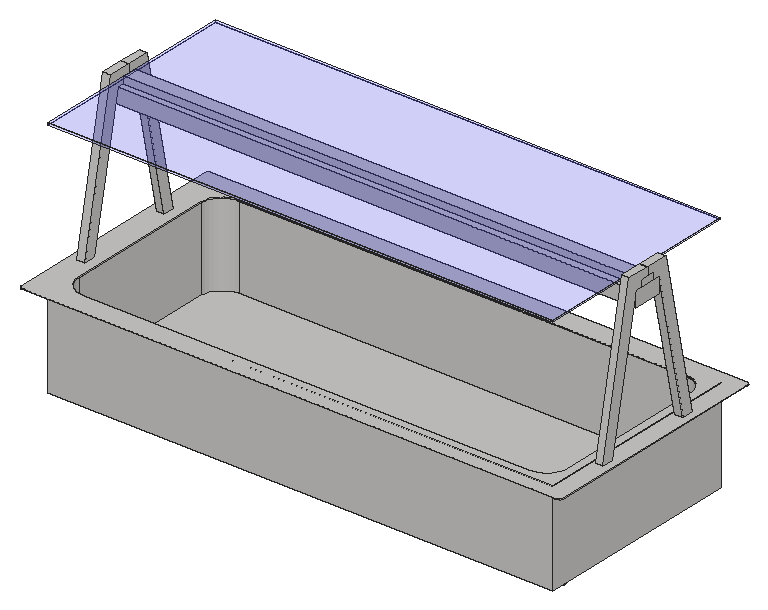
Revit family "QF_ELECTROLUXPROFESSIONAL_CC0HN3_CC0HN3", category Specialty Equipment, Revit 2023
Family settings
  Round Connector Dimension = Use Diameter
  Part Type = Normal
  Work Plane-Based = No
  Enable Cutting in Views = No
  Always vertical = Yes
  Cut with Voids When Loaded = No
  Maintain Annotation Orientation = No
  Shared = No
  Room Calculation Point = No
Parameters (values of type "Standard")
  Weight = 54.15 kg
  Watts = 0 W
  Volts = 220 V
  URL Manufacturer = "http://www.electroluxprofessional.com"
  URL = "http://www.electroluxprofessional.com"
  Steam Supply Size = 0 mm
  Steam Supply Minimum Pressure = 0.0 Pa
  Steam Supply Maximum Pressure = 0.0 Pa
  Steam Consumption per Hour = 0
  Refrigeration Suction Line Size = 0 mm
  Refrigeration Liquid Line Size = 0 mm
  Refrigerant Compressor Remote = yes
  Default Elevation = 0 mm
  Manufacturer = "Electrolux Professional"
  Phase = 1
  Model = "CC0HN3"
  Length Actual = 1420 mm
  Item Number = "CC0HN3"
  Hot Water Size = 0 mm
  Height Actual = 664 mm
  HP = "4 HP"
  Gas Size = 0 mm
  Gas KW = 0
  Gas Input Pressure = 0 W
  Direct Waste Size = 25.4 mm
  Description = "DROP-IN BAIN-MARIE, WATER, SINGLE WELL, 4GN WITH A TYPE OVERSHELF AND HALOGEN LAMP"
  Depth Actual = 620 mm
  Cycle = 50 Hz
  Condensate Return Size = 0 mm
  Compressed Air Volume = 0.0 L/s
  Compressed Air Size = 0 mm
  Compressed Air Pressure = 0.0 Pa
  Cold Water Size = 12.7 mm
  Accessory = no
Reference planes
  plane 1 "BACK": y = 0
  plane 2: z = 5.426
  plane 3 "LEFT": x = 0
  plane 4: y = -620
  plane 5: x = 1420
  plane 6: z = 409.426
  plane 7: y = -310
  plane 8: x = 710
Forms (mm)
  Extrusion 1, solid, material "QF_Finishes_Stainless Steel"
    sketch origin (0, 0, 5.426) x (1, 0, 0) y (0, 1, 0)
      loop
        arc (10, 0) -> (2.929, -2.929) -> (0, -10) r 10
        line (0, -10) -> (0, -610)
        arc (0, -610) -> (2.929, -617.071) -> (10, -620) r 10
        line (10, -620) -> (1410, -620)
        arc (1410, -620) -> (1417.071, -617.071) -> (1420, -610) r 10
        line (1420, -610) -> (1420, -10)
        arc (1420, -10) -> (1417.071, -2.929) -> (1410, 0) r 10
        line (1410, 0) -> (10, 0)
    from 0 to 1
  Extrusion 2, solid, material "QF_Finishes_Stainless Steel"
    sketch origin (0, 0, 12.548) x (1, 0, 0) y (0, 1, 0)
      loop
        line (50, -35) -> (50, -585) -> (1370, -585) -> (1370, -35) -> (50, -35)
    from -251.122 to -7.122
  Extrusion 3, void
    sketch origin (0, 0, -2.817) x (1, 0, 0) y (0, 1, 0)
      loop
        arc (125, -55) -> (86.109, -71.109) -> (70, -110) r 55
        line (70, -110) -> (70, -510)
        arc (70, -510) -> (86.109, -548.891) -> (125, -565) r 55
        line (125, -565) -> (1295, -565)
        arc (1295, -565) -> (1333.891, -548.891) -> (1350, -510) r 55
        line (1350, -510) -> (1350, -110)
        arc (1350, -110) -> (1333.891, -71.109) -> (1295, -55) r 55
        line (1295, -55) -> (125, -55)
    from -209.107 to 9.244
  Extrusion 4, solid, material "QF_Finishes_Stainless Steel"
    sketch origin (21.5, -620, 0) x (0, -1, 0) y (0, 0, -1)
      loop
        line (-310, -409.426) -> (-250.873, -409.426) -> (-165, -5.426) -> (-195, -5.426) -> (-272.583, -370.426) -> (-310, -370.426) -> (-310, -409.426)
    from 0 to 20
  Extrusion 5, solid, material "QF_Finishes_Stainless Steel"
    sketch origin (21.5, 0, 0) x (0, 1, 0) y (0, 0, 1)
      loop
        line (-310, 409.426) -> (-310, 370.426) -> (-272.583, 370.426) -> (-195, 5.426) -> (-165, 5.426) -> (-250.873, 409.426) -> (-310, 409.426)
    from 0 to 20
  Extrusion 6, solid, material "QF_Finishes_Stainless Steel"
    sketch origin (1398.5, -620, 0) x (0, -1, 0) y (0, 0, 1)
      loop
        line (-310, 409.426) -> (-310, 370.426) -> (-272.583, 370.426) -> (-195, 5.426) -> (-165, 5.426) -> (-250.873, 409.426) -> (-310, 409.426)
    from 0 to 20
  Extrusion 7, solid, material "QF_Finishes_Stainless Steel"
    sketch origin (1398.5, 0, 0) x (0, 1, 0) y (0, 0, -1)
      loop
        line (-310, -409.426) -> (-250.873, -409.426) -> (-165, -5.426) -> (-195, -5.426) -> (-272.583, -370.426) -> (-310, -370.426) -> (-310, -409.426)
    from 0 to 20
  Extrusion 8, solid, material "QF_Finishes_Stainless Steel"
    sketch origin (0, 0, 0) x (0, 1, 0) y (0, 0, 1)
      loop
        line (-291.292, 370.426) -> (-291.292, 387.956) -> (-328.917, 387.956) -> (-328.917, 370.426) -> (-291.292, 370.426)
    from 21.5 to 1398.5
  Extrusion 9, solid, material "Vetro"
    sketch origin (0, 0, 5.426) x (1, 0, 0) y (0, 1, 0)
      loop
        line (50, -35) -> (50, -585) -> (1370, -585) -> (1370, -35) -> (50, -35)
    from 382.529 to 387.529
  Extrusion 10, solid, material "QF_Finishes_Stainless Steel"
    sketch origin (324.537, -347.333, -643.387) x (0, 0, -1) y (0, 1, 0)
      loop
        circle (-372.814, -140.692) r 12.7
    from 5 to 70.307
  Extrusion 11, solid, material "QF_Finishes_Stainless Steel"
    sketch origin (0, 0, 0) x (0, 1, 0) y (0, 0, 1)
      loop
        line (-272.583, 370.426) -> (-347.583, 370.426) -> (-347.583, 330.426) -> (-272.583, 330.426) -> (-272.583, 370.426)
    from 21.5 to 1398.5
  Extrusion 12, solid, material "QF_Finishes_Stainless Steel"
    sketch origin (34.947, 0, 0) x (0, 1, 0) y (0, 0, 1)
      loop
        line (-280.414, 330.426) -> (-340.414, 330.426) -> (-340.414, 325.426) -> (-280.414, 325.426) -> (-280.414, 330.426)
    from 113.553 to 313.553
  Extrusion 13, solid, material "QF_Finishes_Stainless Steel"
    sketch origin (769.053, 0, 0) x (0, 1, 0) y (0, 0, -1)
      loop
        line (-280.414, -330.426) -> (-280.414, -325.426) -> (-340.414, -325.426) -> (-340.414, -330.426) -> (-280.414, -330.426)
    from 113.553 to 313.553
  Extrusion 14, solid, material "QF_Finishes_Stainless Steel"
    sketch origin (1385.053, 0, 0) x (0, 1, 0) y (0, 0, -1)
      loop
        line (-280.414, -330.426) -> (-280.414, -325.426) -> (-340.414, -325.426) -> (-340.414, -330.426) -> (-280.414, -330.426)
    from 113.553 to 313.553
  Extrusion 15, solid, material "QF_Finishes_Stainless Steel"
    sketch origin (650.947, 0, 0) x (0, 1, 0) y (0, 0, 1)
      loop
        line (-280.414, 330.426) -> (-340.414, 330.426) -> (-340.414, 325.426) -> (-280.414, 325.426) -> (-280.414, 330.426)
    from 113.553 to 313.553
  Extrusion 16, solid, material "QF_Finishes_Stainless Steel"
    sketch origin (-4, -6, 5.426) x (1, 0, 0) y (0, 1, 0)
      loop
        circle (386.025, -481.971) r 12.675
    from -276 to -244
  Extrusion 17, solid, material "QF_Finishes_Stainless Steel"
    sketch origin (1356.957, -637.727, -643.387) x (0, 0, -1) y (0, -1, 0)
      loop
        circle (-372.814, -140.692) r 6.35
    from 24.678 to 70.307
  Extrusion 18, solid, material "QF_Finishes_Stainless Steel"
    sketch origin (1679.025, -978.971, 5.426) x (-1, 0, 0) y (0, -1, 0)
      loop
        circle (386.025, -481.971) r 6.35
    from -276 to -244
Cuts and joins
  Extrusion 3 cuts Extrusion 1
  Extrusion 3 cuts Extrusion 2
Dimensions and locks
  equal spacing: Extrusion 1, Extrusion 2 sketch curve, Extrusion 2 sketch curve, Extrusion 1  (x2)
  Extrusion 1 to Extrusion 1 = 1420 mm
  Extrusion 1 to plane 1 "BACK" = 620 mm
  equal spacing: Extrusion 2, Extrusion 3 sketch curve, Extrusion 3 sketch curve, Extrusion 2  (x2)
  plane 6 to plane 2 = 404 mm
  equal spacing: plane 3 "LEFT", plane 8, plane 5
  Extrusion 11 sketch curve to cut or joined group of Extrusion 1, Extrusion 3 = 324 mm
  Extrusion 5 to plane 8 to Extrusion 7 = 668.5 mm, 668.5 mm
  aligned and locked: level to plane 2
Automatic sketch dimensions
  Extrusion 1 sketch curve to plane 3 "LEFT" = 0 mm
  plane 4 to Extrusion 1 sketch curve = 0 mm
  plane 1 "BACK" to Extrusion 1 sketch curve = 0 mm
  Extrusion 1 sketch curve to plane 5 = 0 mm
  plane 3 "LEFT" to Extrusion 1 sketch curve = 10 mm  (x2)
  plane 5 to Extrusion 1 sketch curve = 10 mm  (x2)
  plane 3 "LEFT" to Extrusion 2 sketch curve = 50 mm
  plane 5 to Extrusion 2 sketch curve = 50 mm
  Extrusion 2 sketch curve to plane 4 = 35 mm
  plane 1 "BACK" to Extrusion 2 sketch curve = 35 mm
  plane 3 "LEFT" to Extrusion 3 sketch curve = 70 mm
  Extrusion 3 sketch curve to Extrusion 3 sketch curve = 55 mm  (x3)
  Extrusion 3 sketch curve to plane 4 = 55 mm
  plane 5 to Extrusion 3 sketch curve = 125 mm  (x2)
  plane 1 "BACK" to Extrusion 3 sketch curve = 110 mm
  Extrusion 4 sketch curve to plane 7 = 0 mm
  plane 6 to Extrusion 4 sketch curve = 0 mm
  Extrusion 4 sketch curve to level = 0 mm
  Extrusion 4 sketch curve to Extrusion 4 sketch curve = 37.417 mm
  Extrusion 4 sketch curve to Extrusion 4 sketch curve = 21.71 mm
  plane 7 to Extrusion 4 sketch curve = 115 mm
  Extrusion 4 sketch curve to Extrusion 4 sketch curve = 30 mm
  Extrusion 4 sketch curve to Extrusion 4 sketch curve = 39 mm
  Extrusion 5 sketch curve to plane 7 = 0 mm
  plane 6 to Extrusion 5 sketch curve = 0 mm
  Extrusion 5 sketch curve to level = 0 mm
  Extrusion 5 sketch curve to Extrusion 5 sketch curve = 37.417 mm
  Extrusion 5 sketch curve to Extrusion 5 sketch curve = 21.71 mm
  plane 7 to Extrusion 5 sketch curve = 115 mm
  Extrusion 5 sketch curve to Extrusion 5 sketch curve = 30 mm
  Extrusion 5 sketch curve to Extrusion 5 sketch curve = 39 mm
  Extrusion 6 sketch curve to plane 7 = 0 mm
  plane 6 to Extrusion 6 sketch curve = 0 mm
  Extrusion 6 sketch curve to level = 0 mm
  Extrusion 6 sketch curve to Extrusion 6 sketch curve = 37.417 mm
  Extrusion 6 sketch curve to Extrusion 6 sketch curve = 21.71 mm
  Extrusion 6 sketch curve to plane 7 = 115 mm
  Extrusion 6 sketch curve to Extrusion 6 sketch curve = 30 mm
  Extrusion 6 sketch curve to Extrusion 6 sketch curve = 39 mm
  Extrusion 7 sketch curve to plane 7 = 0 mm
  plane 6 to Extrusion 7 sketch curve = 0 mm
  Extrusion 7 sketch curve to level = 0 mm
  Extrusion 7 sketch curve to Extrusion 7 sketch curve = 37.417 mm
  Extrusion 7 sketch curve to Extrusion 7 sketch curve = 21.71 mm
  plane 7 to Extrusion 7 sketch curve = 115 mm
  Extrusion 7 sketch curve to Extrusion 7 sketch curve = 30 mm
  Extrusion 7 sketch curve to Extrusion 7 sketch curve = 39 mm
  Extrusion 8 sketch curve to plane 7 = 18.917 mm
  plane 7 to Extrusion 8 sketch curve = 18.708 mm
  plane 6 to Extrusion 8 sketch curve = 39 mm
  Extrusion 8 sketch curve to Extrusion 8 sketch curve = 17.529 mm
  plane 3 "LEFT" to Extrusion 9 sketch curve = 50 mm
  plane 5 to Extrusion 9 sketch curve = 50 mm
  Extrusion 9 sketch curve to plane 4 = 35 mm
  plane 1 "BACK" to Extrusion 9 sketch curve = 35 mm
  Extrusion 10 sketch curve to level = 276 mm
  Extrusion 10 sketch curve to plane 4 = 131.975 mm
  Extrusion 11 sketch curve to plane 7 = 37.583 mm
  plane 7 to Extrusion 11 sketch curve = 37.417 mm
  plane 6 to Extrusion 11 sketch curve = 39 mm
  Extrusion 12 sketch curve to plane 7 = 30.414 mm
  plane 7 to Extrusion 12 sketch curve = 29.586 mm
  plane 6 to Extrusion 12 sketch curve = 84 mm
  Extrusion 12 sketch curve to Extrusion 12 sketch curve = 5 mm
  Extrusion 13 sketch curve to plane 7 = 30.414 mm
  plane 7 to Extrusion 13 sketch curve = 29.586 mm
  plane 6 to Extrusion 13 sketch curve = 79 mm
  Extrusion 13 sketch curve to Extrusion 13 sketch curve = 5 mm
  Extrusion 14 sketch curve to plane 7 = 30.414 mm
  plane 7 to Extrusion 14 sketch curve = 29.586 mm
  plane 6 to Extrusion 14 sketch curve = 79 mm
  Extrusion 14 sketch curve to Extrusion 14 sketch curve = 5 mm
  Extrusion 15 sketch curve to plane 7 = 30.414 mm
  plane 7 to Extrusion 15 sketch curve = 29.586 mm
  plane 6 to Extrusion 15 sketch curve = 84 mm
  Extrusion 15 sketch curve to Extrusion 15 sketch curve = 5 mm
  Extrusion 16 sketch curve to plane 4 = 132.029 mm
  Extrusion 16 sketch curve to plane 8 = 327.975 mm
  Extrusion 17 sketch curve to plane 4 = 122.965 mm
  Extrusion 17 sketch curve to level = 276 mm
  Extrusion 18 sketch curve to plane 4 = 123 mm
  plane 8 to Extrusion 18 sketch curve = 583 mm
  radius of Extrusion 10 sketch curve = 12.7 mm
  radius of Extrusion 16 sketch curve = 12.675 mm
  radius of Extrusion 17 sketch curve = 6.35 mm
  radius of Extrusion 18 sketch curve = 6.35 mm
Connectors
  piping at (329.537, -488.025, -270.574), diameter 25.4
    settings: on Extrusion 10, index 5, connector inside diameter 609.6 mm, connector length 0 mm, flow factor 0, pipe flow 0.0 L/s, pressure drop 0.0 Pa, fitting loss kfactor 0, connector angle 0.00°, fixture units 0, engagement length 0 mm, angle of deflection 0.00°, flow configuration 0, flow direction 0, fitting loss method 0, system type 29, joint type 0, gender type 0, connector reference index -1, connector utility 0, adjustable connector no, is connector primary yes, connector description "D"
  piping at (1332.279, -497.035, -270.574), diameter 12.7
    settings: on Extrusion 17, index 6, connector inside diameter 609.6 mm, connector length 0 mm, flow factor 0, pipe flow 0.0 L/s, pressure drop 0.0 Pa, fitting loss kfactor 0, connector angle 0.00°, fixture units 0, engagement length 0 mm, angle of deflection 0.00°, flow configuration 0, flow direction 0, fitting loss method 0, system type 29, joint type 0, gender type 0, connector reference index -1, connector utility 0, adjustable connector no, is connector primary no, connector description "WI"
